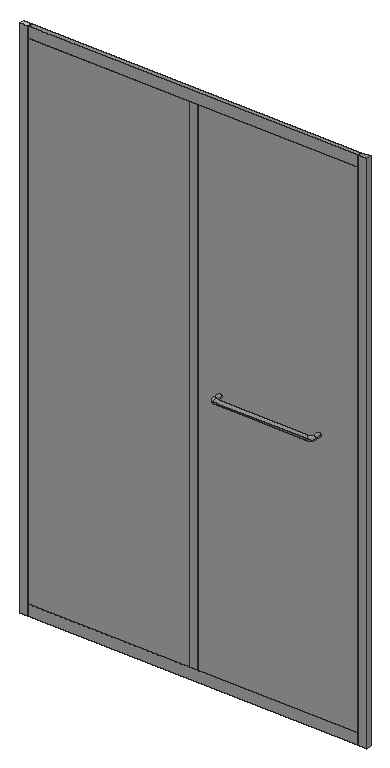
Revit family "MAMPARA DOBLE CORREDERA TWIN 1300x1980", category Generic Models, Revit 2019
Family settings
  Can host rebar = No
  Round Connector Dimension = Use Diameter
  Part Type = Normal
  Work Plane-Based = No
  Always vertical = Yes
  Cut with Voids When Loaded = No
  Shared = No
  Room Calculation Point = No
Reference planes
  plane 1 "Center (Front/Back)": y = 0
  plane 2: z = 0
  plane 3 "Center (Left/Right)": x = 0
Forms (mm)
  Extrusion 1, solid
    sketch origin (0, 0, 0) x (1, 0, 0) y (0, 0, 1)
      loop
        line (-50, 0) -> (-19.378, 0) -> (-19.378, 1980) -> (-50, 1980) -> (-50, 0)
      loop
        line (1250, 1980) -> (1214.298, 1980) -> (1214.298, 0) -> (1250, 0) -> (1250, 1980)
    from 0 to 17.247
  Extrusion 2, solid
    sketch origin (0, 0, 0) x (1, 0, 0) y (0, 0, 1)
      loop
        line (-19.378, 1980) -> (-19.378, 1940) -> (1214.298, 1940) -> (1214.298, 1980) -> (-19.378, 1980)
      loop
        line (-19.378, 0) -> (1214.298, 0) -> (1214.298, 40) -> (-19.378, 40) -> (-19.378, 0)
    from 0 to 17.247
  Extrusion 3, solid
    sketch origin (0, 0, 0) x (1, 0, 0) y (0, 0, 1)
      loop
        line (585, 1940) -> (585, 40) -> (615, 40) -> (615, 1940) -> (585, 1940)
    from 0 to 17.247
  Extrusion 4, solid
    sketch origin (0, 0, 0) x (1, 0, 0) y (0, 0, 1)
      loop
        line (-19.378, 1940) -> (-19.378, 40) -> (1214.298, 40) -> (1214.298, 1940) -> (-19.378, 1940)
    from 0 to 17.247
  Sweep 5, solid
    path origin (-54.572, 0, 990) x (1, 0, 0) y (0, 1, 0)
      loop
        line (1125, -17.247) -> (1125, -42.247)
        arc (1125, -42.247) -> (1122.071, -49.319) -> (1115, -52.247) r 10
        line (1115, -52.247) -> (765, -52.247)
        arc (765, -52.247) -> (757.929, -49.319) -> (755, -42.247) r 10
        line (755, -42.247) -> (755, -17.247)
    profile origin (700.428, -17.247, 990) x (-1, 0, 0) y (0, 0, 1)
      loop
        circle (0, 0) r 7
  Sweep 6, solid
    path origin (1240.806, -17.247, 990) x (-1, 0, 0) y (0, -1, 0)
      loop
        line (1125, -17.247) -> (1125, -42.247)
        arc (1125, -42.247) -> (1122.071, -49.319) -> (1115, -52.247) r 10
        line (1115, -52.247) -> (765, -52.247)
        arc (765, -52.247) -> (757.929, -49.319) -> (755, -42.247) r 10
        line (755, -42.247) -> (755, -17.247)
    profile origin (485.806, 0, 990) x (1, 0, 0) y (0, 0, 1)
      loop
        circle (0, 0) r 7
Dimensions and locks
  aligned and locked: level to plane 2
